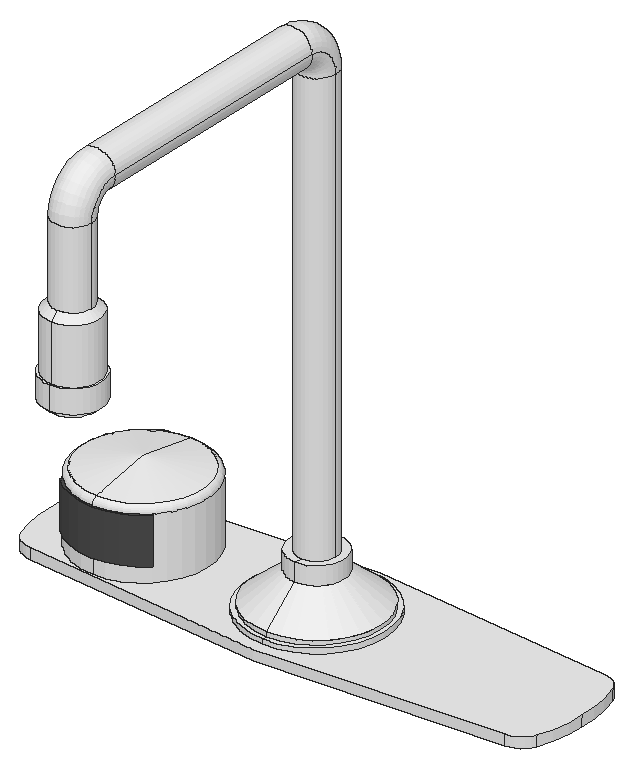
Revit family
Parameters (values of type "ETF-770")
  Waste Connection = no
  Vent Connection = no
  URL = "http://www.sloanvalve.com"
  Revised Date = "09/04/2012"
  Product URL = "http://www.sloanvalve.com/Specifications/Optima_ETF-770.pdf"
  Phone # = "416-250-5656"
  Model = "ETF-770"
  Material = Chrome Plated
  Manufacturer = "Sloan Valve Company"
  HW Connection = yes
  Designed By = "ATS BIM Team"
  Description = "'OPTIMA' Electronic 'No Touch' Faucet, Hard-Wired \r\nC.P. 3 hole, 4\" (102mm) C.C., solid cast brass 10-3/4\" (273mm) high, 6\" (152mm) reach rigid gooseneck spout with individual proximity sensor, with integral 8.3 LPM (2.2 GPM) flow laminar (non aerating) outlet, control module, solenoid, strainer, circuitry, housed in exposed module under basin. "
  Default Elevation = 0' - 0"
  CW Connection = yes
  Assembly Code = "D2010300"
Reference planes (in)
  plane 1 "Center (Front/Back)": y = 0
  plane 2: z = 0
  plane 3 "Center (Left/Right)": x = 0
  plane 4: z = 10.75
  plane 5: z = 6.5
  plane 6: y = -6
  plane 7: y = -6.52084
Forms (in)
  Sweep 1, solid, material "Chrome Plated" <- "Material"
    path origin (0, 0, 0) x (0, 1, 0) y (0, 0, 1)
      loop
        line (0, 1.25) -> (0, 9.78675)
        arc (0, 9.78675) -> (-0.1723, 10.2027) -> (-0.58825, 10.375) r 0.58825
        line (-0.58825, 10.375) -> (-5.4217, 10.375)
        arc (-5.4217, 10.375) -> (-5.83062, 10.20562) -> (-6, 9.7967) r 0.5783
        line (-6, 9.7967) -> (-6, 8.14896)
    profile origin (0, 0, 5.51837) x (0, -1, 0) y (1, 0, 0)
      loop
        circle (0, 0) r 0.375
  Revolve 2, solid, material "Chrome Plated" <- "Material"
    sketch origin (0, 0, 0) x (0, 1, 0) y (0, 0, 1)
      loop
        line (0, 1.28988) -> (-0.53214, 1.28988) -> (-0.53214, 0.94554) -> (-1.24023, 0.37215) -> (-1.24023, 0.29567) -> (-1.33467, 0.29567) -> (-1.33467, 0.19867) -> (0, 0.19867) -> (0, 1.28988)
      axis (0, 0.19867) -> (0, 1.28988)
    angle from 0 to 360
  Revolve 3, solid, material "Chrome Plated" <- "Material"
    sketch origin (-3.40625, 0, 0) x (0, 1, 0) y (0, 0, 1)
      loop
        arc (0, 1.75) -> (-0.58395, 1.67525) -> (-1.15803, 1.54478) r 6.12535
        arc (-1.15803, 1.54478) -> (-1.22479, 1.49224) -> (-1.25, 1.41112) r 0.14311
        line (-1.25, 1.41112) -> (-1.25, 0.19867) -> (0, 0.19867) -> (0, 1.75)
      axis (0, 1.75) -> (0, 0.19867)
    angle from 0 to 360
  Revolve 4, solid, material "Chrome Plated" <- "Material"
    sketch origin (0, 0, 1) x (0, 1, 0) y (0, 0, 1)
      loop
        line (-6.31813, 5.5) -> (-6.31813, 7.35167) -> (-6.52084, 7.14896) -> (-6.52084, 6.0617) -> (-6.56909, 6.0617) -> (-6.56909, 5.60969) -> (-6.44701, 5.60969) -> (-6.44701, 5.5) -> (-6.31813, 5.5)
      axis (-6, 7.35167) -> (-6, 5.5)
    angle from 0 to 360
  Extrusion 5, solid, material "Chrome Plated" <- "Material"
    sketch origin (0, 0, 0) x (1, 0, 0) y (0, 1, 0)
      loop
        arc (-4.66129, 1.21136) -> (-4.90847, 1.1285) -> (-5.07087, 0.92457) r 0.45979
        arc (-5.07087, 0.92457) -> (-5.19701, 0.47067) -> (-5.2173, 0) r 2.07087
        arc (-5.2173, 0) -> (-5.19701, -0.47067) -> (-5.07087, -0.92457) r 2.07087
        arc (-5.07087, -0.92457) -> (-4.90847, -1.1285) -> (-4.66129, -1.21136) r 0.45979
        arc (-4.66129, -1.21136) -> (0, -1.54371) -> (4.66129, -1.21136) r 32.85377
        arc (4.66129, -1.21136) -> (4.90847, -1.1285) -> (5.07087, -0.92457) r 0.45979
        arc (5.07087, -0.92457) -> (5.19701, -0.47067) -> (5.2173, 0) r 2.07087
        arc (5.2173, 0) -> (5.19701, 0.47067) -> (5.07087, 0.92457) r 2.07087
        arc (5.07087, 0.92457) -> (4.90847, 1.1285) -> (4.66129, 1.21136) r 0.45979
        arc (4.66129, 1.21136) -> (0, 1.54371) -> (-4.66129, 1.21136) r 32.85377
    from 0 to 0.19867
  Revolve 6, solid, material "Chrome Plated" <- "Material"
    sketch origin (-3.40625, 0, 0) x (-0.707107, 0.707107, 0) y (0, 0, 1)
      loop
        line (-0.95313, 1.41112) -> (-1.29688, 1.41112) -> (-1.29688, 0.51117) -> (-0.95313, 0.51117) -> (-0.95313, 1.41112)
      axis (0, 1.41112) -> (0, 0.51117)
    angle from 0 to 90
Cuts and joins
  joined: Sweep 1, Revolve 2, Revolve 3, Revolve 4, Extrusion 5, Revolve 6
